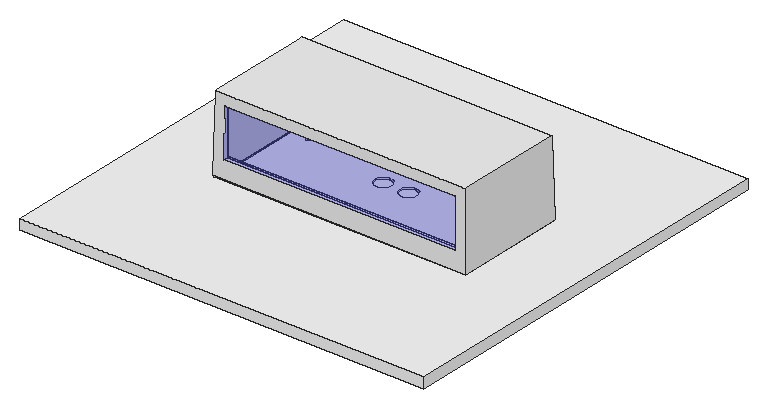
Revit family "BE_50146.1_de_DE", category Leuchten, Revit 2020
Family settings
  Basisbauteil = Fläche
  Bemaßung runder Anschluss = Durchmesser verwenden
  Teiletyp = Normal
  Beim Laden mit Abzugskörper schneiden = Ja
  Lichtquelle = Ja
  Gemeinsam genutzt = Nein
  Raumberechnungspunkt = Ja
Parameters (values of type "BEGA_50146.1_K4")
  built-in parameter 1150104 = 12.096 (stored number, unit not read)
  Wattage = 25.2 W
  Default Elevation = 0 mm
  built-in parameter 1150113 = 1 (stored number, unit not read)
  built-in parameter 1114218 = 1 (stored number, unit not read)
  Umgebungstemperatur = "25 °C"
  URL = "https://www.bega.com/de/produkt/50146.1"
  Typenkommentare = "© 2022 BEGA. Wir behalten uns das Recht vor, technische Änderungen ohne vorherige Ankündigung vorzunehmen."  # constant formula
  built-in parameter 1150134 = 12
  built-in parameter 1150109 = 1 (stored number, unit not read)
  Strom = ""
  built-in parameter 1150110 = 1 (stored number, unit not read)
  Spannung = 239.996 V
  Sonderanfertigung = no
  Seriennummer [instance] = "Hier können Sie die eindeutige Seriennummer für das Facility Management eintragen."
  Schutzklasse = "I"
  Schutzart = "IP 20"
  Scheinlast = 0 VA
  Produktdatenblatt = "https://cdn.bega.com/bega/products/50146.1K3/current/documents/data-sheets/de"
  Oberflächentemperatur = ""
  Neigungswinkel = 0.00°
  Modell = "50146.1K4"
  Material_17 = BEGA_Reflektor
  Material_15 = BEGA_Leuchtmedium_matt
  Material_11 = BEGA_Glas_opal
  Material_09 = BEGA_Glas_klar
  Material_08 = BEGA_Oberfläche_Stahl_verzinkt
  Material_06 = BEGA_Oberfläche_Edelstahl_gebürstet
  Material_05 = BEGA_Oberfläche_Aluminium Guss
  Material_03 = BEGA_Oberfläche_Weiss_matt
  Material_02 = BEGA_Oberfläche_Silber_matt
  Material_01 [instance] = BEGA_Oberfläche_Grafit_matt
  M_W = no
  M_G = no
  M_A = no
  Logo = 0
  built-in parameter 1114217 = 1 (stored number, unit not read)
  built-in parameter 1150139 = (empty or 0)
  built-in parameter 1150105 = 261.1 (stored number, unit not read)
  built-in parameter 1150114 = 1 (stored number, unit not read)
  Lumens = 3281.04 lm
  built-in parameter 1150115 = 1 (stored number, unit not read)
  Leuchtenlichtstrom = "2678 lm"
  Leuchtenanzahl = ""
  Lebensdauerkriterien = "L70B50 @ 25 °C = 200000 h"
  Lastklassifizierung = Beleuchtung
  built-in parameter 1150112 = 1 (stored number, unit not read)
  Lampenlichtstrom = "3770 lm"
  Lampe = "LED 24.6 W"
  LED_Modulbezeichnung = "2x LED-0696/940"
  Hersteller = "BEGA"  # constant formula
  Halbstreuwinkel = ""
  Gewicht = "1.95 kg"
  Gebrauchslageneinschränkung [instance] = ""
  Frequenz = "0/50-60 Hz"
  Farbwiedergabeindex = "CRI > 90"
  Farbtemperaturverschiebung bei Dämpfen der Lampe = <Keine Auswahl>
  Farbtemperatur = "4000 K"
  Color Filter = 16777215
  built-in parameter 1150133 = 10 (stored number, unit not read)
  Energieeffizienzklasse = "LED A++ - A"
  built-in parameter 1150137 = (empty or 0)
  built-in parameter 1150132 = (empty or 0)
  ENEC = "ja"
  Dimmbar [instance] = "DALI"
  Datei für fotometrisches Netz = "BE_50146.1K4.IES"
  CE_Konformität = "ja"
  Bestellnummer = "50146.1K4"
  Beschreibung_Sonderanfertigung = "Hier können Sie Informationen zur Sonderanfertigung eintragen."
  Beschreibung = "Wandfluter"
  built-in parameter 1150106 = 2.611 (stored number, unit not read)
  Befestigungsbohrung = "Ø 4,8 mm"
  Befestigungsabstand = "200 x 65 mm"
  Ballwurfsicher = ""
  BEGA_Intern_aus = yes
  BEGA_Intern_an = yes
  BEGA_Intern_Konstruktion = yes
  BEGA_Intern = yes
  BEGA_IES = yes
  BEGA_Dummy = no
  Anschlussleitung = ""
  Anschlussleistung [instance] = "28.4 W"
  Anschlusskasten = ""
  built-in parameter 1150107 = 4000 (stored number, unit not read)
  built-in parameter 1150102 = (empty or 0)
  built-in parameter 1150138 = (empty or 0)
  Aktualisierung = "2022-05-18T04:00:07"
  Abstand_zur_angestrahlten_Fläche [instance] = ""
  AC/DC = "AC/DC"
Types (2, lengths in mm): name | built-in parameter 1150104 | built-in parameter 1150134 | Modell | built-in parameter 1150105 | Lumens | Leuchtenlichtstrom | Lampenlichtstrom | LED_Modulbezeichnung | Farbtemperatur | Datei für fotometrisches Netz | Bestellnummer | built-in parameter 1150106 | built-in parameter 1150107
  BEGA_50146.1_K3 | 11.65 (stored number, unit not read) | (empty or 0) | "50146.1K3" | 251.47 (stored number, unit not read) | 3160.08 lm | "2571 lm" | "3620 lm" | "2x LED-0696/930" | "3000 K" | "BE_50146.1K3.IES" | "50146.1K3" | 2.5147 (stored number, unit not read) | 3000 (stored number, unit not read)
  BEGA_50146.1_K4 | 12.096 (stored number, unit not read) | 12 | "50146.1K4" | 261.1 (stored number, unit not read) | 3281.04 lm | "2678 lm" | "3770 lm" | "2x LED-0696/940" | "4000 K" | "BE_50146.1K4.IES" | "50146.1K4" | 2.611 (stored number, unit not read) | 4000 (stored number, unit not read)
Reference planes
  plane 1 "Mitte (Vorne/Hinten)": y = 0
  plane 2: z = 0
  plane 3 "Mitte (Links/Rechts)": x = 0
  plane 4 "Links": x = -125
  plane 5 "Rechts": x = 125
  plane 6 "Unten": y = -55
  plane 7 "Oben": y = 55
  plane 8 "Vorne": z = 76
  plane 9 "Hinten": z = 0
Forms (mm)
  Extrusion 1, solid, material "BEGA_Platte_Weiss"
    sketch origin (0, -1119.2, 0) x (1, 0, 0) y (0, 1, 0)
      loop
        line (-200, 1319.2) -> (-200, 919.2) -> (200, 919.2) -> (200, 1319.2) -> (-200, 1319.2)
    from 0 to -10
  Extrusion 2, solid, material "BEGA_Dummy_matt", visible <- "BEGA_Dummy"
    sketch origin (80.095, -76.023, 0) x (1, 0, 0) y (0, 1, 0)
      loop
        line (-205.095, 131.023) -> (-205.095, 21.023) -> (44.905, 21.023) -> (44.905, 131.023) -> (-205.095, 131.023)
    from 0 to 76
Dimensions and locks
  plane 1 "Mitte (Vorne/Hinten)" to Extrusion 1 = 200 mm
  aligned and locked: plane 2 to Extrusion 1
  aligned and locked: level to Extrusion 1
Nested families
  nested 1: "BE_50146.1" at (0, 0, 0), type "BE_50146.1"
Connectors
  electrical at (0, 0, 0), driven by "Lastklassifizierung", driven by "Spannung", driven by "Scheinlast"
    settings: index 1, voltage 239.996 V, apparent load 0 VA, apparent load phase1 0 VA, apparent load phase2 0 VA, apparent load phase3 0 VA, power factor 1, load classification "Beleuchtung", number of poles 1, system type 31, power factor state 1, is connector primary yes, connector utility no, sub classification motor no, connector description ""
Definition of nested family "BE_50146.1"
  Parameters (values of type "BE_50146.1")
    Default Elevation = 1 mm
    URL = "http://www.bega.de/de/produkt"
    Type Comments = "© 2015 BEGA. Wir behalten uns das Recht vor, technische Änderungen ohne vorherige Ankündigung vorzunehmen. "  # constant formula
    Type Image = (empty or 0)
    Neigungswinkel_um_Z2 = 0.00°
    Neigungswinkel_um_Z1 = 0.00°
    Neigungswinkel_um_Y2 = 0.00°
    Neigungswinkel_um_Y1 = 0.00°
    Neigungswinkel_um_X2 = 0.00°
    Neigungswinkel_um_X1 = 0.00°
    Material_17 = none
    Material_15 = none
    Material_11 = none
    Material_09 = none
    Material_08 = none
    Material_06 = none
    Material_05 = none
    Material_03 = none
    Material_02 = none
    Material_01 = none
    M_W = yes
    M_G = yes
    M_A = yes
    Länge_Platte = 400 mm  # constant formula
    Höhe_Platte = -10 mm  # constant formula
    Manufacturer = "BEGA"  # constant formula
    Drehwinkel_um_Z2 = 0.00°
    Drehwinkel_um_Z1 = 0.00°
    Breite_Platte = 200 mm  # constant formula
  Reference planes
    plane 1 "Mitte (Oben/Unten)": y = 0
    plane 2: z = 0
    plane 3 "Mitte (Links/Rechts)": x = 0
    plane 4: x = -125
    plane 5: z = 76
    plane 6: x = 125
    plane 7: y = 55
    plane 8: y = -55
  Forms (mm)
    Extrusion 1, solid, detail levels medium
      sketch origin (0, 0, 0) x (1, 0, 0) y (0, 1, 0)
        loop
          line (-200, 100) -> (-200, -100) -> (200, -100) -> (200, 100) -> (-200, 100)
      from 0 to -10 <- "Höhe_Platte"
    Extrusion 2, solid, material <- "Material_03", detail levels medium+fine
      sketch origin (0, 0, 0) x (1, 0, 0) y (0, 0, 1)
        loop
          line (-125, 1) -> (-121, 1) -> (-118.661, 68) -> (118.661, 68) -> (121, 1) -> (125, 1) -> (123.691, 76) -> (-123.691, 76) -> (-125, 1)
      from -55 to 55
    Extrusion 3, solid, material <- "Material_03", detail levels medium+fine
      sketch origin (0, 0, 0) x (1, 0, 0) y (0, 0, 1)
        loop
          line (123.691, 76) -> (-123.691, 76) -> (-125, 1) -> (125, 1) -> (123.691, 76)
      from -55 to -50.695
    Extrusion 4, solid, material <- "Material_03", detail levels medium+fine
      sketch origin (0, 0, 0) x (1, 0, 0) y (0, 0, -1)
        loop
          line (123.691, -76) -> (125, -1) -> (-125, -1) -> (-123.691, -76) -> (123.691, -76)
      from -55 to -50.695
    Extrusion 5, void
      sketch origin (0, 0, 0) x (0, 1, 0) y (0, 0, 1)
        loop
          line (55, 1) -> (55.86, 1.015) -> (55.86, 78.41) -> (53.649, 78.41) -> (55, 1)
        loop
          line (-55, 1) -> (-53.649, 78.41) -> (-55.86, 78.41) -> (-55.86, 1.015) -> (-55, 1)
      from -135.401 to 130.838
    Sweep 6, solid, material <- "Material_03", detail levels medium+fine
      path origin (0, 0, 0) x (1, 0, 0) y (0, 1, 0)
        loop
          line (-125, 55) -> (-125, -55) -> (125, -55) -> (125, 55) -> (-125, 55)
      profile origin (-125, 0, 0) x (1, 0, 0) y (0, 0, 1)
        loop
          line (0.5, 1) -> (0.5, 0) -> (2.572, 0)
          arc (2.572, 0) -> (3.337, 0.152) -> (3.986, 0.586) r 2
          line (3.986, 0.586) -> (5.107, 1.707)
          arc (5.107, 1.707) -> (5.432, 1.924) -> (5.814, 2) r 1
          line (5.814, 2) -> (11.938, 2) -> (11.938, 3) -> (5.814, 3)
          arc (5.814, 3) -> (5.049, 2.848) -> (4.4, 2.414) r 2
          line (4.4, 2.414) -> (3.279, 1.293)
          arc (3.279, 1.293) -> (2.954, 1.076) -> (2.572, 1) r 1
          line (2.572, 1) -> (0.5, 1)
    Extrusion 7, solid, material <- "Material_03", detail levels medium+fine
      sketch origin (0, 0, 0) x (1, 0, 0) y (0, 1, 0)
        loop
          line (-113.062, 43.062) -> (-113.062, -43.062) -> (113.062, -43.062) -> (113.062, 43.062) -> (-113.062, 43.062)
      from 2 to 3
    Extrusion 8, void
      sketch origin (0, 0, 0) x (0, 1, 0) y (0, 0, 1)
        loop
          line (47.599, 66.082) -> (47.599, 18) -> (55.612, 18) -> (55.612, 66.082) -> (47.599, 66.082)
        loop
          line (-47.599, 66.082) -> (-55.612, 66.082) -> (-55.612, 18) -> (-47.599, 18) -> (-47.599, 66.082)
      from -114.499 to 114.499
    Extrusion 9, solid, material <- "Material_11", detail levels medium+fine
      sketch origin (0, 0, 0) x (0, 1, 0) y (0, 0, 1)
        loop
          line (54.603, 18.077) -> (53.765, 66.069) -> (49.366, 65.992) -> (50.203, 18) -> (54.603, 18.077)
      from -114.499 to 114.499
    Extrusion 10, solid, material <- "Material_11", detail levels medium+fine
      sketch origin (0, 0, 0) x (0, 1, 0) y (0, 0, 1)
        loop
          line (49.339, 67.492) -> (45.74, 67.429) -> (46.63, 16.437) -> (50.229, 16.5) -> (49.339, 67.492)
      from -116.248 to 116.218
    Extrusion 11, solid, material <- "Material_11", detail levels medium+fine
      sketch origin (0, 0, 0) x (0, -1, 0) y (0, 0, -1)
        loop
          line (54.603, -18.077) -> (50.203, -18) -> (49.366, -65.992) -> (53.765, -66.069) -> (54.603, -18.077)
      from -114.499 to 114.499
    Extrusion 12, solid, material <- "Material_11", detail levels medium+fine
      sketch origin (0, 0, 0) x (0, -1, 0) y (0, 0, -1)
        loop
          line (49.339, -67.492) -> (50.229, -16.5) -> (46.63, -16.437) -> (45.74, -67.429) -> (49.339, -67.492)
      from -116.248 to 116.218
    Extrusion 13, void
      sketch origin (0, 0, 0) x (1, 0, 0) y (0, 1, 0)
        loop
          circle (-100, 32.5) r 2.4
        loop
          circle (100, -32.5) r 2.4
        loop
          circle (-12.5, 15) r 8.5
        loop
          circle (12.5, 15) r 8.5
      from 0 to 6.68
    Revolve 14, solid, material <- "Material_06", detail levels fine
      sketch origin (110, 0, 0) x (0, 1, 0) y (0, 0, 1)
        loop
          line (56, 9) -> (56, 11) -> (53.425, 11) -> (53.425, 9) -> (56, 9)
        axis (56, 9) -> (53.425, 9)
      angle from 0 to 360
    Revolve 15, solid, material <- "Material_06", detail levels fine
      sketch origin (-110, 0, 0) x (0, 1, 0) y (0, 0, -1)
        loop
          line (56, -9) -> (53.425, -9) -> (53.425, -11) -> (56, -11) -> (56, -9)
        axis (56, -9) -> (53.425, -9)
      angle from 0 to 360
  Cuts and joins
    Extrusion 5, Extrusion 8 cuts Extrusion 2
    Extrusion 5, Extrusion 8 cuts Extrusion 3
    Extrusion 5, Extrusion 8 cuts Extrusion 4
    joined: Extrusion 2, Extrusion 3, Extrusion 4
    Extrusion 13 cuts Sweep 6
    Extrusion 13 cuts Extrusion 7
    joined: Sweep 6, Extrusion 7
    joined: Extrusion 9, Extrusion 10
    joined: Extrusion 11, Extrusion 12
  Dimensions and locks
    equal spacing: Extrusion 1 sketch curve, plane 3 "Mitte (Links/Rechts)", Extrusion 1 sketch curve
    equal spacing: Extrusion 1 sketch curve, plane 1 "Mitte (Oben/Unten)", Extrusion 1 sketch curve
    "Länge_Platte": Extrusion 1 sketch curve to Extrusion 1 sketch curve
    "Breite_Platte": Extrusion 1 sketch curve to Extrusion 1 sketch curve
    aligned and locked: plane 2 to Extrusion 1
    aligned and locked: level to Extrusion 1
  Automatic sketch dimensions
    level to Extrusion 2 sketch curve = 1 mm  (x2)
    Extrusion 2 sketch curve to Extrusion 2 sketch curve = 1.309 mm
    Extrusion 2 sketch curve to Extrusion 2 sketch curve = 4 mm  (x2)
    Extrusion 2 sketch curve to Extrusion 2 sketch curve = 5.03 mm  (x2)
    Extrusion 2 sketch curve to Extrusion 2 sketch curve = 2.34 mm
    Extrusion 2 sketch curve to Extrusion 2 sketch curve = 67 mm
    Extrusion 2 sketch curve to Extrusion 2 sketch curve = 8 mm
    level to Extrusion 3 sketch curve = 1 mm
    Extrusion 3 sketch curve to Extrusion 3 sketch curve = 1.309 mm
    Extrusion 3 sketch curve to Extrusion 3 sketch curve = 75 mm
    level to Extrusion 4 sketch curve = 1 mm
    Extrusion 4 sketch curve to Extrusion 4 sketch curve = 1.309 mm
    Extrusion 4 sketch curve to Extrusion 4 sketch curve = 75 mm
    level to Extrusion 5 sketch curve = 1.015 mm
    plane 1 "Mitte (Oben/Unten)" to Extrusion 5 sketch curve = 55.86 mm
    level to Extrusion 5 sketch curve = 1 mm  (x2)
    Extrusion 5 sketch curve to Extrusion 5 sketch curve = 0.86 mm
    Extrusion 5 sketch curve to Extrusion 5 sketch curve = 2.211 mm  (x2)
    Extrusion 5 sketch curve to plane 1 "Mitte (Oben/Unten)" = 53.649 mm
    Extrusion 5 sketch curve to plane 1 "Mitte (Oben/Unten)" = 55 mm
    Extrusion 5 sketch curve to Extrusion 5 sketch curve = 0.015 mm
    plane 1 "Mitte (Oben/Unten)" to Sweep 6 sketch curve = 55 mm
    Sweep 6 sketch curve to plane 1 "Mitte (Oben/Unten)" = 55 mm
    Sweep 6 sketch curve to Sweep 6 sketch curve = 0 mm  (x9)
    Sweep 6 sketch curve to level = 0 mm
    Sweep 6 sketch curve to profile plane = 0.5 mm
    Sweep 6 sketch curve to Sweep 6 sketch curve = 2.072 mm
    level to Sweep 6 sketch curve = 1 mm  (x2)
    Sweep 6 sketch curve to Sweep 6 sketch curve = 3.243 mm
    level to Sweep 6 sketch curve = 2 mm
    Sweep 6 sketch curve to Sweep 6 sketch curve = 6.124 mm
    Sweep 6 sketch curve to Sweep 6 sketch curve = 1 mm  (x2)
    level to Sweep 6 sketch curve = 1.293 mm
    Sweep 6 sketch curve to Sweep 6 sketch curve = 0.707 mm  (x3)
    level to Sweep 6 sketch curve = 0.586 mm
    Sweep 6 sketch curve to Sweep 6 sketch curve = 1.414 mm
    level to Sweep 6 sketch curve = 1.707 mm
    plane 1 "Mitte (Oben/Unten)" to Extrusion 7 sketch curve = 43.062 mm
    Extrusion 7 sketch curve to plane 1 "Mitte (Oben/Unten)" = 43.062 mm
    plane 1 "Mitte (Oben/Unten)" to Extrusion 8 sketch curve = 55.612 mm
    Extrusion 8 sketch curve to Extrusion 8 sketch curve = 8.013 mm  (x2)
    level to Extrusion 8 sketch curve = 18 mm  (x2)
    Extrusion 8 sketch curve to plane 1 "Mitte (Oben/Unten)" = 47.599 mm
    Extrusion 8 sketch curve to Extrusion 8 sketch curve = 48.082 mm  (x2)
    Extrusion 9 sketch curve to plane 1 "Mitte (Oben/Unten)" = 49.366 mm
    level to Extrusion 9 sketch curve = 18 mm
    Extrusion 9 sketch curve to Extrusion 9 sketch curve = 0.838 mm
    Extrusion 9 sketch curve to Extrusion 9 sketch curve = 4.399 mm  (x2)
    level to Extrusion 9 sketch curve = 18.077 mm
    Extrusion 9 sketch curve to Extrusion 9 sketch curve = 47.993 mm
    Extrusion 9 sketch curve to Extrusion 9 sketch curve = 0.077 mm
    Extrusion 10 sketch curve to plane 1 "Mitte (Oben/Unten)" = 45.74 mm
    level to Extrusion 10 sketch curve = 16.437 mm
    Extrusion 10 sketch curve to plane 1 "Mitte (Oben/Unten)" = 46.63 mm
    Extrusion 10 sketch curve to Extrusion 10 sketch curve = 3.599 mm  (x2)
    level to Extrusion 10 sketch curve = 16.5 mm
    Extrusion 10 sketch curve to Extrusion 10 sketch curve = 50.992 mm
    Extrusion 10 sketch curve to Extrusion 10 sketch curve = 0.063 mm
    Extrusion 11 sketch curve to plane 1 "Mitte (Oben/Unten)" = 49.366 mm
    Extrusion 11 sketch curve to level = 18 mm
    Extrusion 11 sketch curve to Extrusion 11 sketch curve = 0.838 mm
    Extrusion 11 sketch curve to Extrusion 11 sketch curve = 4.399 mm  (x2)
    Extrusion 11 sketch curve to level = 18.077 mm
    Extrusion 11 sketch curve to Extrusion 11 sketch curve = 47.993 mm
    Extrusion 11 sketch curve to Extrusion 11 sketch curve = 0.077 mm
    Extrusion 12 sketch curve to plane 1 "Mitte (Oben/Unten)" = 45.74 mm
    Extrusion 12 sketch curve to level = 16.437 mm
    Extrusion 12 sketch curve to plane 1 "Mitte (Oben/Unten)" = 46.63 mm
    Extrusion 12 sketch curve to Extrusion 12 sketch curve = 3.599 mm  (x2)
    Extrusion 12 sketch curve to level = 16.5 mm
    Extrusion 12 sketch curve to Extrusion 12 sketch curve = 50.992 mm
    Extrusion 12 sketch curve to Extrusion 12 sketch curve = 0.063 mm
    Extrusion 13 sketch curve to plane 1 "Mitte (Oben/Unten)" = 32.5 mm
    Extrusion 13 sketch curve to plane 3 "Mitte (Links/Rechts)" = 100 mm
    Extrusion 13 sketch curve to plane 3 "Mitte (Links/Rechts)" = 12.5 mm
    plane 3 "Mitte (Links/Rechts)" to Extrusion 13 sketch curve = 12.5 mm
    plane 1 "Mitte (Oben/Unten)" to Extrusion 13 sketch curve = 32.5 mm
    Extrusion 13 sketch curve to Extrusion 13 sketch curve = 87.5 mm
    Extrusion 13 sketch curve to plane 1 "Mitte (Oben/Unten)" = 15 mm  (x2)
    level to Revolve 14 sketch curve = 11 mm
    Revolve 14 sketch curve to plane 1 "Mitte (Oben/Unten)" = 53.425 mm
    Revolve 14 sketch curve to Revolve 14 sketch curve = 2.575 mm
    Revolve 14 sketch curve to Revolve 14 sketch curve = 2 mm  (x2)
    Revolve 14 sketch curve to Revolve 14 sketch curve = 0.595 mm
    Revolve 14 sketch curve to Revolve 14 sketch curve = 0 mm
    level to Revolve 15 sketch curve = 11 mm
    Revolve 15 sketch curve to plane 1 "Mitte (Oben/Unten)" = 53.425 mm
    Revolve 15 sketch curve to Revolve 15 sketch curve = 2.575 mm
    Revolve 15 sketch curve to Revolve 15 sketch curve = 2 mm  (x2)
    Revolve 15 sketch curve to Revolve 15 sketch curve = 0.595 mm
    Revolve 15 sketch curve to Revolve 15 sketch curve = 0 mm
    plane 4 to Extrusion 2 sketch curve = 0 mm
    plane 4 to Extrusion 3 sketch curve = 0 mm
    plane 4 to Extrusion 4 sketch curve = 0 mm
    Sweep 6 sketch curve to plane 4 = 0 mm
    Extrusion 7 sketch curve to plane 4 = 11.938 mm
    Extrusion 2 sketch curve to plane 6 = 0 mm
    Extrusion 3 sketch curve to plane 6 = 0 mm
    Extrusion 3 sketch curve to plane 6 = 1.309 mm
    Extrusion 4 sketch curve to plane 6 = 0 mm
    Extrusion 4 sketch curve to plane 6 = 1.309 mm
    Sweep 6 sketch curve to plane 6 = 0 mm
    Extrusion 7 sketch curve to plane 6 = 11.938 mm
    radius of Extrusion 13 sketch curve = 2.4 mm  (x2)
    radius of Extrusion 13 sketch curve = 8.5 mm  (x2)
